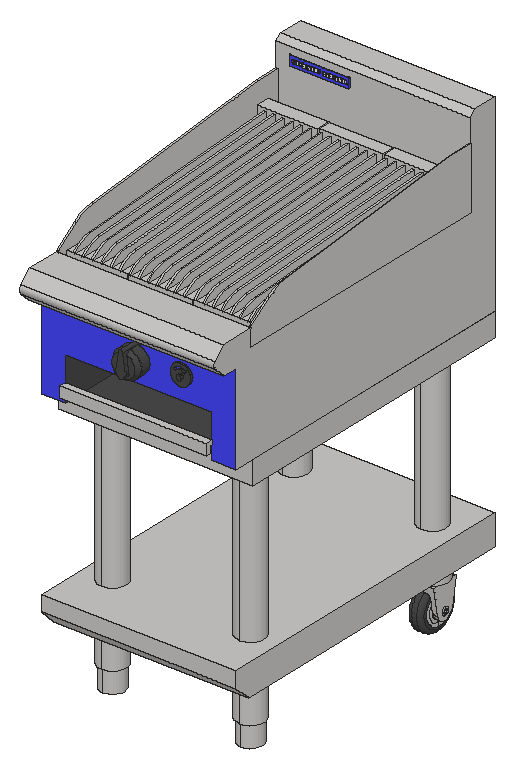
Revit family "QF_MOFFAT_BLUESEAL_AU_G593-LS", category Specialty Equipment, Revit 2012 (continued)
Definition of nested family "WALDORF LOGO_FACE BASE"
  Forms (mm)
    Extrusion 3, solid, material "QF_Finishes_White", visible <- "Show Logo"
      sketch origin (0, -33.217, 1.588) x (1, 0, 0) y (0, 1, 0)
        loop
          line (70.705, 25.919) -> (59.405, 25.919) -> (59.405, 17.163) -> (70.705, 17.163) -> (70.705, 19.063) -> (65.169, 19.063) -> (65.169, 20.437) -> (70.705, 20.437) -> (70.705, 22.278) -> (65.169, 22.278) -> (65.169, 23.587) -> (70.705, 23.587) -> (70.705, 25.919)
        loop
          line (57.598, 25.919) -> (51.7, 25.919) -> (51.7, 20.18)
          arc (51.7, 20.18) -> (50.63, 19.11) -> (49.56, 20.18) r 1.07
          line (49.56, 20.18) -> (49.56, 25.919) -> (43.663, 25.919) -> (43.663, 19.049)
          arc (43.663, 19.049) -> (44.215, 17.716) -> (45.548, 17.163) r 1.885
          line (45.548, 17.163) -> (55.71, 17.163)
          arc (55.71, 17.163) -> (57.045, 17.716) -> (57.598, 19.051) r 1.887
          line (57.598, 19.051) -> (57.598, 25.919)
        loop
          line (31.62, 25.919) -> (31.62, 17.163) -> (43.046, 17.163) -> (43.046, 19.129) -> (37.388, 19.129) -> (37.388, 25.919) -> (31.62, 25.919)
        loop
          line (15.969, 25.919) -> (15.969, 17.163) -> (28.693, 17.163)
          arc (28.693, 17.163) -> (29.812, 17.627) -> (30.276, 18.746) r 1.582
          line (30.276, 18.746) -> (30.276, 20.447) -> (29.48, 21.243) -> (30.276, 22.039) -> (30.276, 24.332)
          arc (30.276, 24.332) -> (29.811, 25.454) -> (28.688, 25.919) r 1.587
          line (28.688, 25.919) -> (15.969, 25.919)
        loop
          line (21.449, 24.159) -> (21.449, 22.436) -> (23.862, 22.436)
          arc (23.862, 22.436) -> (24.723, 23.298) -> (23.862, 24.159) r 0.861
          line (23.862, 24.159) -> (21.449, 24.159)
        loop
          line (21.449, 20.244) -> (21.449, 18.522) -> (23.862, 18.522)
          arc (23.862, 18.522) -> (24.723, 19.383) -> (23.862, 20.244) r 0.861
          line (23.862, 20.244) -> (21.449, 20.244)
      from 0 to 0.2
    Extrusion 4, solid, material "QF_Finishes_Blue", visible <- "Show Logo"
      sketch origin (-126.498, -31.09, 1.588) x (1, 0, 0) y (0, 1, 0)
        loop
          line (136.738, 23.522) -> (136.738, 15.1)
          arc (136.738, 15.1) -> (140.756, 19.311) -> (136.738, 23.522) r 4.216
      from 0 to 0.2
    Extrusion 5, solid, material "QF_Finishes_Red", visible <- "Show Logo"
      sketch origin (146.849, -31.09, 1.588) x (-1, 0, 0) y (0, -1, 0)
        loop
          arc (136.738, -23.522) -> (140.756, -19.311) -> (136.738, -15.1) r 4.216
          line (136.738, -15.1) -> (136.738, -23.522)
      from 0 to 0.2
  Lines and regions (mm)
    Split face 1
      outline origin (-90.35, -30.793, 1.588) x (1, 0, 0) y (0, 1, 0)
        loop
          circle (100.54, 19.013) r 4.536
  Dimensions and locks
    aligned and locked: plane 2 to Extrusion 1
    aligned and locked: level to Extrusion 1
